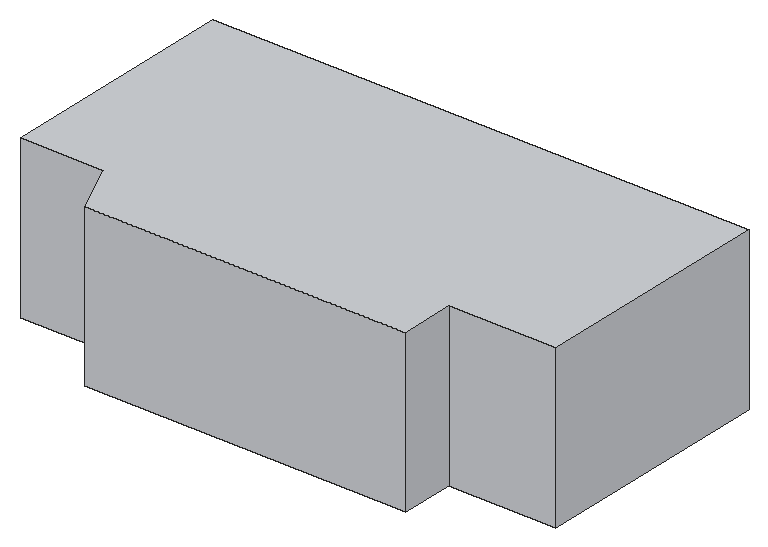
Revit family "116b2b8896b74b59bbca2a2fa8bfeec1", category Duct Fittings, Revit 2021
Family settings
  Round Connector Dimension = Use Diameter
  Part Type = Tee
  OmniClass Number = 23.75.70.14
  OmniClass Title = Air Ductwork
  Seek Item ID = Rectangular Tee - Beveled-0000-USA-ENU
  Work Plane-Based = No
  Always vertical = Yes
  Cut with Voids When Loaded = No
  Shared = No
Parameters (values of type "Standard")
  Length 6 [instance] = Shoulder Length / 2  # 4"
  Length 1 [instance] = (Length 6) * tan(Angle) + Duct Width 3 / 2  # 13.86523"
  Duct Width 3 [instance] = 24"
  Duct Width 1 [instance] = 18"
  Shoulder Length [instance] = 8"
  Half Width 1 [instance] = Duct Width 1 / 2  # 9"
  Duct Length 3 [instance] = Duct Width 1 / 2 + Length 6  # 13"
  Half Width 3 [instance] = Duct Width 3 / 2  # 12"
  Duct Length 1 [instance] = Half Width 3 + Shoulder Length  # 20"
  Duct Height [instance] = 12"
  Default Elevation = 0' - 0"
  Assembly Code = ""
  Angle [instance] = 25.00°
Reference planes (in)
  plane 1 "Center (Front/Back)": y = 0
  plane 2: z = 0
  plane 3 "Center (Left/Right)": x = 0
  plane 4: x = -20
  plane 5: x = 20
  plane 6: y = -13
  plane 7: x = -12
  plane 8: x = 12
  plane 9: x = -13.86523
  plane 10: x = 13.86523
  plane 11: z = 6
  plane 12: z = -6
  plane 13: y = -9
Forms (in)
  Sweep 1, solid, detail levels medium+fine
    path in 3D
      loop
        line (-20, 0, 0) -> (0, 0, 0)
    profile "Duct - Rectangular : Duct - Rectangular 1" origin (-10, 0, 0) x (0, 1, 0) y (0, 0, 1)
      loop
        line (-9, 6) -> (-9, -6) -> (9, -6) -> (9, 6) -> (-9, 6)
  Sweep 2, solid, detail levels medium+fine
    path in 3D
      loop
        line (0, 0, 0) -> (20, 0, 0)
    profile "Duct - Rectangular : Duct - Rectangular 1" origin (10, 0, 0) x (0, 1, 0) y (0, 0, 1)
      loop
        line (-9, 6) -> (-9, -6) -> (9, -6) -> (9, 6) -> (-9, 6)
  Blend 3, solid, detail levels medium+fine
    base sketch origin (-25.31689, -13, 48) x (-1, 0, 0) y (0, 0, 1)
      loop
        line (-13.31689, -42) -> (-37.31689, -42) -> (-37.31689, -54) -> (-13.31689, -54) -> (-13.31689, -42)
    top sketch origin (-25.31689, -13, 48) x (-1, 0, 0) y (0, 0, 1)
      loop
        line (-11.45165, -42) -> (-37.31689, -42) -> (-37.31689, -54) -> (-11.45165, -54) -> (-11.45165, -42)
    from 0 to 4
Cuts and joins
  joined: Sweep 1, Sweep 2, Blend 3
Lines and regions (in)
  reference lines
    curve 1: line (-20, 0, 0) -> (0, 0, 0)
    curve 2: line (0, 0, 0) -> (20, 0, 0)
    curve 3: line (0, 0, 0) -> (0, -13, 0)
  sketch lines
    curve 4: line (-20, 0, 0) -> (0, 0, 0)
    curve 5: line (0, 0, 0) -> (20, 0, 0)
  model lines, style "DuctFitting", detail levels coarse
    curve 6: line (-20, 0, 0) -> (0, 0, 0)
    curve 7: line (0, 0, 0) -> (20, 0, 0)
    curve 8: line (0, 0, 0) -> (0, -13, 0)
Dimensions and locks (in)
  equal spacing: plane 4, plane 3 "Center (Left/Right)", plane 5
  "Duct Length 1": plane 4 to plane 3 "Center (Left/Right)"
  "Duct Length 3": plane 6 to plane 1 "Center (Front/Back)"
  equal spacing: plane 7, plane 3 "Center (Left/Right)", plane 8
  "Duct Width 3": plane 7 to plane 8
  equal spacing: plane 9, plane 3 "Center (Left/Right)", plane 10
  "Length 1": plane 9 to plane 3 "Center (Left/Right)"
  equal spacing: plane 11, level, plane 12
  "Duct Height": plane 11 to plane 12
  "Half Width 1": plane 1 "Center (Front/Back)" to plane 13
  aligned and locked: plane 3 "Center (Left/Right)" to curve 1
  aligned and locked: plane 4 to curve 1
  aligned and locked: plane 1 "Center (Front/Back)" to curve 1
  aligned and locked: plane 5 to curve 2
  aligned and locked: plane 1 "Center (Front/Back)" to curve 2
  aligned and locked: plane 6 to curve 3
  aligned and locked: curve 6 to curve 1
  aligned and locked: curve 7 to curve 2
  aligned and locked: curve 8 to curve 3
  aligned and locked: Blend 3 sketch curve to plane 11  (x2)
  aligned and locked: plane 12 to Blend 3 sketch curve  (x2)
  aligned and locked: plane 7 to Blend 3 sketch curve
  aligned and locked: Blend 3 sketch curve to plane 8  (x2)
  aligned and locked: plane 9 to Blend 3 sketch curve
  aligned and locked: Blend 3 to plane 6
  aligned and locked: plane 5 to curve 7
  aligned and locked: plane 13 to Blend 3
Automatic sketch dimensions
  curve 6 to plane 4 = 0' - 0"
  curve 8 to plane 6 = 0' - 0"
Connectors (in)
  hvac at (-20, 0, 0), driven by "Duct Height", driven by "Duct Width 1"
    settings: on cut or joined group of Sweep 1, Sweep 2, Blend 3, index 1, duct flow 0 CFM, flow factor 0, pres drop 0.00 in-wg, loss coef 0, conn angle 0.00°, conn width 18", conn height 12", conn diameter 24", duct sys type 28, conn prof type 1, flow config 0, flow direction 0, loss method 0, conn ref index 2, conn util no, is conn primary yes, conn desc ""
  hvac at (20, 0, 0), driven by "Duct Height", driven by "Duct Width 1"
    settings: on cut or joined group of Sweep 1, Sweep 2, Blend 3, index 2, duct flow 0 CFM, flow factor 0, pres drop 0.00 in-wg, loss coef 0, conn angle 0.00°, conn width 18", conn height 12", conn diameter 24", duct sys type 28, conn prof type 1, flow config 0, flow direction 0, loss method 0, conn ref index 1, conn util no, is conn primary no, conn desc ""
  hvac at (0, -13, 0), driven by "Duct Height", driven by "Duct Width 3"
    settings: on cut or joined group of Sweep 1, Sweep 2, Blend 3, index 3, duct flow 0 CFM, flow factor 0, pres drop 0.00 in-wg, loss coef 0, conn angle 0.00°, conn width 24", conn height 12", conn diameter 24", duct sys type 28, conn prof type 1, flow config 0, flow direction 0, loss method 0, conn ref index -1, conn util no, is conn primary no, conn desc ""
